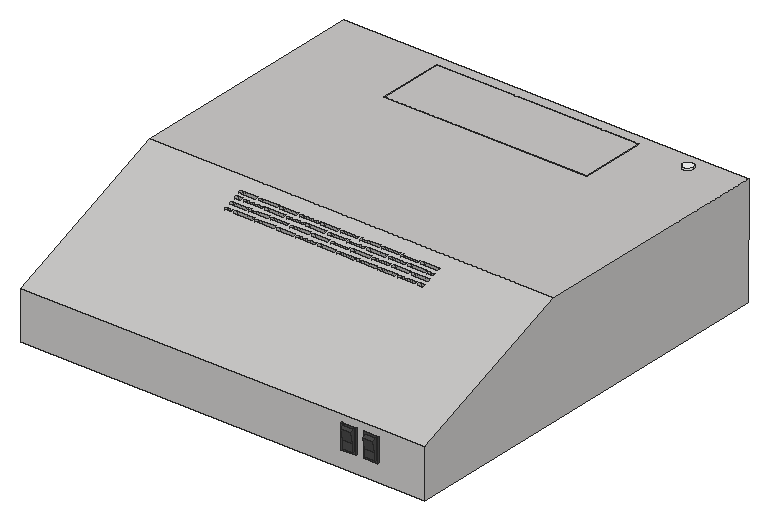
Revit family "QF_Summit_HC20SS_Under Cabinet Convertible Range Hood", category Specialty Equipment, Revit 2020
Family settings
  Round Connector Dimension = Use Diameter
  Part Type = Normal
  Work Plane-Based = No
  Always vertical = Yes
  Cut with Voids When Loaded = No
  Shared = No
  Room Calculation Point = No
Parameters
  Weight in Pounds = 11
  Watts = if(Phase = 3, Volts * FL Amps * 1.73, Volts * FL Amps)  # 195.5 W
  Volts = 115 V
  Ventilation Remarks = "Duct 3.25”x10” Rectangle or 7” Round"
  URL Cutsheet = ""
  Specification by User = ""
  Specification by Manufacturer = ""
  Serial Number = ""
  Seismic Rating = ""
  SMACNA No = ""
  Revision Code = ""
  Phase = 1
  Number of Poles = 1
  NAFEM Spec ID Number = ""
  Model = "HC20SS"
  Min Ckt Ampacity = 0 A
  Max Overcurrent Protection = 0 A
  Masterspec = ""
  Manufacturer = "Summit"
  Length = 20"
  Item Number = ""
  Installed By = ""
  Identify Quantity as Lot = yes
  Height = 5 1/2"
  HP = ""
  Furnished By = ""
  Foodservice Equipment Identifier = yes
  FL Amps = 1.7 A
  Exhaust Volume = 270 CFM
  Exhaust Vent Width = 10"
  Exhaust Vent Diameter = 0"
  Exhaust Vent Depth = 3 1/4"
  Exhaust Static Press = 0.00 in-wg
  Exhaust RI Height = 0"
  Electrical Remarks = ""
  Electric Connection Type = ""
  Elec Conn RI Height = 0"
  Elec Conn Connection Height = 0"
  Description = "Under Cabinet Convertible Range Hood"
  Depth = 20"
  Default Elevation = 0"
  Cycle = 60 Hz
  Conn Plug = ""
  Conn Conduit = yes
  CSI MasterFormat = ""
  Apparent Power = if(Phase = 3, Volts * FL Amps * 1.73, Volts * FL Amps)  # 195.5 VA
Reference planes (in)
  plane 1 "BACK": y = 0
  plane 2: z = 0
  plane 3 "LEFT": x = 0
  plane 4 "RIGHT": x = 20
  plane 5 "FRONT": y = -20
  plane 6 "TOP": z = 5.5
  plane 7 "Center Y": x = 10
  plane 8 "Center X": y = -10
  plane 9: z = 2.375
  plane 10: y = -12
  plane 11: x = 4.375
  plane 12: x = 15.625
  plane 13: x = 17.625
  plane 14: y = -14
  plane 15: x = 1.5
  plane 16: x = 18.5
  plane 17: z = 5.25339
  plane 18: z = 4.76922
  plane 19: y = -0.5
  plane 20: y = -3.75
  plane 21: y = -7.25
  plane 22: x = 5
  plane 23: x = 15
Forms (in)
  Extrusion 1, solid, material "QF_Metal_Stainless_Polished"
    sketch origin (0, 0, 0) x (0, 1, 0) y (0, 0, 1)
      loop
        line (-20, 2.375) -> (-20, 0) -> (0, 0) -> (0, 5.5) -> (-12, 5.5) -> (-20, 2.375)
    from 0 to 1.5
  Extrusion 2, solid, material "QF_Metal_Stainless_Polished"
    sketch origin (0, 0, 0) x (0, 1, 0) y (0, 0, 1)
      loop
        line (0, 5.5) -> (-12, 5.5) -> (-20, 2.375) -> (-20, 0) -> (-14, 0) -> (-14, 4.18196) -> (-10.81598, 5.42572) -> (-0.5, 5.42572) -> (-0.5, 0) -> (0, 0) -> (0, 5.5)
    from 0 to 20
  Extrusion 3, solid, material "QF_Metal_Stainless_Polished"
    sketch origin (23.88, 0, 0) x (0, 1, 0) y (0, 0, -1)
      loop
        line (-20, -2.375) -> (-12, -5.5) -> (0, -5.5) -> (0, 0) -> (-20, 0) -> (-20, -2.375)
    from 3.88 to 5.38
  Extrusion 4, void
    sketch origin (-1.9375, -20, 2.375) x (0, -0.931457, -0.363851) y (-1, 0, 0)
      loop
        line (-7.90626, -7.01362) -> (-7.90626, -7.76633)
        arc (-7.90626, -7.76633) -> (-7.83306, -7.83953) -> (-7.75986, -7.76633) r 0.0732
        line (-7.75986, -7.76633) -> (-7.75986, -7.01362)
        arc (-7.75986, -7.01362) -> (-7.83306, -6.94042) -> (-7.90626, -7.01362) r 0.0732
      loop
        line (-7.59983, -7.01362) -> (-7.59983, -7.24289)
        arc (-7.59983, -7.24289) -> (-7.52663, -7.31609) -> (-7.45343, -7.24289) r 0.0732
        line (-7.45343, -7.24289) -> (-7.45343, -7.01362)
        arc (-7.45343, -7.01362) -> (-7.52663, -6.94042) -> (-7.59983, -7.01362) r 0.0732
      loop
        line (-7.28302, -7.01362) -> (-7.28302, -7.76633)
        arc (-7.28302, -7.76633) -> (-7.20982, -7.83953) -> (-7.13663, -7.76633) r 0.0732
        line (-7.13663, -7.76633) -> (-7.13663, -7.01362)
        arc (-7.13663, -7.01362) -> (-7.20982, -6.94042) -> (-7.28302, -7.01362) r 0.0732
      loop
        line (-6.9465, -7.01362) -> (-6.9465, -7.24289)
        arc (-6.9465, -7.24289) -> (-6.8733, -7.31609) -> (-6.8001, -7.24289) r 0.0732
        line (-6.8001, -7.24289) -> (-6.8001, -7.01362)
        arc (-6.8001, -7.01362) -> (-6.8733, -6.94042) -> (-6.9465, -7.01362) r 0.0732
      loop
        line (-7.90626, -7.96555) -> (-7.90626, -8.82763)
        arc (-7.90626, -8.82763) -> (-7.83306, -8.90083) -> (-7.75986, -8.82763) r 0.0732
        line (-7.75986, -8.82763) -> (-7.75986, -7.96555)
        arc (-7.75986, -7.96555) -> (-7.83306, -7.89235) -> (-7.90626, -7.96555) r 0.0732
      loop
        line (-7.28302, -7.96555) -> (-7.28302, -8.82763)
        arc (-7.28302, -8.82763) -> (-7.20982, -8.90083) -> (-7.13663, -8.82763) r 0.0732
        line (-7.13663, -8.82763) -> (-7.13663, -7.96555)
        arc (-7.13663, -7.96555) -> (-7.20982, -7.89235) -> (-7.28302, -7.96555) r 0.0732
      loop
        line (-7.59983, -7.44954) -> (-7.59983, -8.31162)
        arc (-7.59983, -8.31162) -> (-7.52663, -8.38482) -> (-7.45343, -8.31162) r 0.0732
        line (-7.45343, -8.31162) -> (-7.45343, -7.44954)
        arc (-7.45343, -7.44954) -> (-7.52663, -7.37634) -> (-7.59983, -7.44954) r 0.0732
      loop
        line (-6.94931, -7.44954) -> (-6.94931, -8.31162)
        arc (-6.94931, -8.31162) -> (-6.87611, -8.38482) -> (-6.80291, -8.31162) r 0.0732
        line (-6.80291, -8.31162) -> (-6.80291, -7.44954)
        arc (-6.80291, -7.44954) -> (-6.87611, -7.37634) -> (-6.94931, -7.44954) r 0.0732
      loop
        line (-7.90626, -9.02338) -> (-7.90626, -9.77608)
        arc (-7.90626, -9.77608) -> (-7.83306, -9.84928) -> (-7.75986, -9.77608) r 0.0732
        line (-7.75986, -9.77608) -> (-7.75986, -9.02338)
        arc (-7.75986, -9.02338) -> (-7.83306, -8.95018) -> (-7.90626, -9.02338) r 0.0732
      loop
        line (-7.28302, -9.02338) -> (-7.28302, -9.77608)
        arc (-7.28302, -9.77608) -> (-7.20982, -9.84928) -> (-7.13663, -9.77608) r 0.0732
        line (-7.13663, -9.77608) -> (-7.13663, -9.02338)
        arc (-7.13663, -9.02338) -> (-7.20982, -8.95018) -> (-7.28302, -9.02338) r 0.0732
      loop
        line (-7.59983, -8.50736) -> (-7.59983, -9.36945)
        arc (-7.59983, -9.36945) -> (-7.52663, -9.44265) -> (-7.45343, -9.36945) r 0.0732
        line (-7.45343, -9.36945) -> (-7.45343, -8.50736)
        arc (-7.45343, -8.50736) -> (-7.52663, -8.43417) -> (-7.59983, -8.50736) r 0.0732
      loop
        line (-6.94931, -8.50736) -> (-6.94931, -9.36945)
        arc (-6.94931, -9.36945) -> (-6.87611, -9.44265) -> (-6.80291, -9.36945) r 0.0732
        line (-6.80291, -9.36945) -> (-6.80291, -8.50736)
        arc (-6.80291, -8.50736) -> (-6.87611, -8.43417) -> (-6.94931, -8.50736) r 0.0732
      loop
        line (-7.90626, -9.9968) -> (-7.90626, -10.85888)
        arc (-7.90626, -10.85888) -> (-7.83306, -10.93208) -> (-7.75986, -10.85888) r 0.0732
        line (-7.75986, -10.85888) -> (-7.75986, -9.9968)
        arc (-7.75986, -9.9968) -> (-7.83306, -9.9236) -> (-7.90626, -9.9968) r 0.0732
      loop
        line (-7.28302, -9.9968) -> (-7.28302, -10.85888)
        arc (-7.28302, -10.85888) -> (-7.20982, -10.93208) -> (-7.13663, -10.85888) r 0.0732
        line (-7.13663, -10.85888) -> (-7.13663, -9.9968)
        arc (-7.13663, -9.9968) -> (-7.20982, -9.9236) -> (-7.28302, -9.9968) r 0.0732
      loop
        line (-7.59983, -9.57454) -> (-7.59983, -10.34287)
        arc (-7.59983, -10.34287) -> (-7.52663, -10.41607) -> (-7.45343, -10.34287) r 0.0732
        line (-7.45343, -10.34287) -> (-7.45343, -9.57454)
        arc (-7.45343, -9.57454) -> (-7.52663, -9.50134) -> (-7.59983, -9.57454) r 0.0732
      loop
        line (-6.94931, -9.57454) -> (-6.94931, -10.34287)
        arc (-6.94931, -10.34287) -> (-6.87611, -10.41607) -> (-6.80291, -10.34287) r 0.0732
        line (-6.80291, -10.34287) -> (-6.80291, -9.57454)
        arc (-6.80291, -9.57454) -> (-6.87611, -9.50134) -> (-6.94931, -9.57454) r 0.0732
      loop
        line (-7.90626, -11.05463) -> (-7.90626, -11.80733)
        arc (-7.90626, -11.80733) -> (-7.83306, -11.88053) -> (-7.75986, -11.80733) r 0.0732
        line (-7.75986, -11.80733) -> (-7.75986, -11.05463)
        arc (-7.75986, -11.05463) -> (-7.83306, -10.98143) -> (-7.90626, -11.05463) r 0.0732
      loop
        line (-7.28302, -11.05463) -> (-7.28302, -11.80733)
        arc (-7.28302, -11.80733) -> (-7.20982, -11.88053) -> (-7.13663, -11.80733) r 0.0732
        line (-7.13663, -11.80733) -> (-7.13663, -11.05463)
        arc (-7.13663, -11.05463) -> (-7.20982, -10.98143) -> (-7.28302, -11.05463) r 0.0732
      loop
        line (-7.59983, -10.53861) -> (-7.59983, -11.4007)
        arc (-7.59983, -11.4007) -> (-7.52663, -11.4739) -> (-7.45343, -11.4007) r 0.0732
        line (-7.45343, -11.4007) -> (-7.45343, -10.53861)
        arc (-7.45343, -10.53861) -> (-7.52663, -10.46542) -> (-7.59983, -10.53861) r 0.0732
      loop
        line (-6.94931, -10.53861) -> (-6.94931, -11.4007)
        arc (-6.94931, -11.4007) -> (-6.87611, -11.4739) -> (-6.80291, -11.4007) r 0.0732
        line (-6.80291, -11.4007) -> (-6.80291, -10.53861)
        arc (-6.80291, -10.53861) -> (-6.87611, -10.46542) -> (-6.94931, -10.53861) r 0.0732
      loop
        line (-7.90626, -12.02338) -> (-7.90626, -12.77608)
        arc (-7.90626, -12.77608) -> (-7.83306, -12.84928) -> (-7.75986, -12.77608) r 0.0732
        line (-7.75986, -12.77608) -> (-7.75986, -12.02338)
        arc (-7.75986, -12.02338) -> (-7.83306, -11.95018) -> (-7.90626, -12.02338) r 0.0732
      loop
        line (-7.28302, -12.02338) -> (-7.28302, -12.77608)
        arc (-7.28302, -12.77608) -> (-7.20982, -12.84928) -> (-7.13663, -12.77608) r 0.0732
        line (-7.13663, -12.77608) -> (-7.13663, -12.02338)
        arc (-7.13663, -12.02338) -> (-7.20982, -11.95018) -> (-7.28302, -12.02338) r 0.0732
      loop
        line (-7.59983, -11.61674) -> (-7.59983, -12.36945)
        arc (-7.59983, -12.36945) -> (-7.52663, -12.44265) -> (-7.45343, -12.36945) r 0.0732
        line (-7.45343, -12.36945) -> (-7.45343, -11.61674)
        arc (-7.45343, -11.61674) -> (-7.52663, -11.54354) -> (-7.59983, -11.61674) r 0.0732
      loop
        line (-6.94931, -11.61674) -> (-6.94931, -12.36945)
        arc (-6.94931, -12.36945) -> (-6.87611, -12.44265) -> (-6.80291, -12.36945) r 0.0732
        line (-6.80291, -12.36945) -> (-6.80291, -11.61674)
        arc (-6.80291, -11.61674) -> (-6.87611, -11.54354) -> (-6.94931, -11.61674) r 0.0732
      loop
        line (-7.90626, -12.9968) -> (-7.90626, -13.85888)
        arc (-7.90626, -13.85888) -> (-7.83306, -13.93208) -> (-7.75986, -13.85888) r 0.0732
        line (-7.75986, -13.85888) -> (-7.75986, -12.9968)
        arc (-7.75986, -12.9968) -> (-7.83306, -12.9236) -> (-7.90626, -12.9968) r 0.0732
      loop
        line (-7.28302, -12.9968) -> (-7.28302, -13.85888)
        arc (-7.28302, -13.85888) -> (-7.20982, -13.93208) -> (-7.13663, -13.85888) r 0.0732
        line (-7.13663, -13.85888) -> (-7.13663, -12.9968)
        arc (-7.13663, -12.9968) -> (-7.20982, -12.9236) -> (-7.28302, -12.9968) r 0.0732
      loop
        line (-7.59983, -12.57454) -> (-7.59983, -13.34287)
        arc (-7.59983, -13.34287) -> (-7.52663, -13.41607) -> (-7.45343, -13.34287) r 0.0732
        line (-7.45343, -13.34287) -> (-7.45343, -12.57454)
        arc (-7.45343, -12.57454) -> (-7.52663, -12.50134) -> (-7.59983, -12.57454) r 0.0732
      loop
        line (-6.94931, -12.57454) -> (-6.94931, -13.34287)
        arc (-6.94931, -13.34287) -> (-6.87611, -13.41607) -> (-6.80291, -13.34287) r 0.0732
        line (-6.80291, -13.34287) -> (-6.80291, -12.57454)
        arc (-6.80291, -12.57454) -> (-6.87611, -12.50134) -> (-6.94931, -12.57454) r 0.0732
      loop
        line (-7.90626, -14.05463) -> (-7.90626, -14.80733)
        arc (-7.90626, -14.80733) -> (-7.83306, -14.88053) -> (-7.75986, -14.80733) r 0.0732
        line (-7.75986, -14.80733) -> (-7.75986, -14.05463)
        arc (-7.75986, -14.05463) -> (-7.83306, -13.98143) -> (-7.90626, -14.05463) r 0.0732
      loop
        line (-7.28302, -14.05463) -> (-7.28302, -14.80733)
        arc (-7.28302, -14.80733) -> (-7.20982, -14.88053) -> (-7.13663, -14.80733) r 0.0732
        line (-7.13663, -14.80733) -> (-7.13663, -14.05463)
        arc (-7.13663, -14.05463) -> (-7.20982, -13.98143) -> (-7.28302, -14.05463) r 0.0732
      loop
        line (-7.59983, -13.53861) -> (-7.59983, -14.4007)
        arc (-7.59983, -14.4007) -> (-7.52663, -14.4739) -> (-7.45343, -14.4007) r 0.0732
        line (-7.45343, -14.4007) -> (-7.45343, -13.53861)
        arc (-7.45343, -13.53861) -> (-7.52663, -13.46542) -> (-7.59983, -13.53861) r 0.0732
      loop
        line (-6.94931, -13.53861) -> (-6.94931, -14.4007)
        arc (-6.94931, -14.4007) -> (-6.87611, -14.4739) -> (-6.80291, -14.4007) r 0.0732
        line (-6.80291, -14.4007) -> (-6.80291, -13.53861)
        arc (-6.80291, -13.53861) -> (-6.87611, -13.46542) -> (-6.94931, -13.53861) r 0.0732
      loop
        line (-7.90626, -15.02338) -> (-7.90626, -15.77608)
        arc (-7.90626, -15.77608) -> (-7.83306, -15.84928) -> (-7.75986, -15.77608) r 0.0732
        line (-7.75986, -15.77608) -> (-7.75986, -15.02338)
        arc (-7.75986, -15.02338) -> (-7.83306, -14.95018) -> (-7.90626, -15.02338) r 0.0732
      loop
        line (-7.28302, -15.02338) -> (-7.28302, -15.77608)
        arc (-7.28302, -15.77608) -> (-7.20982, -15.84928) -> (-7.13663, -15.77608) r 0.0732
        line (-7.13663, -15.77608) -> (-7.13663, -15.02338)
        arc (-7.13663, -15.02338) -> (-7.20982, -14.95018) -> (-7.28302, -15.02338) r 0.0732
      loop
        line (-7.59983, -14.62665) -> (-7.59983, -15.36945)
        arc (-7.59983, -15.36945) -> (-7.52663, -15.44265) -> (-7.45343, -15.36945) r 0.0732
        line (-7.45343, -15.36945) -> (-7.45343, -14.62665)
        arc (-7.45343, -14.62665) -> (-7.52663, -14.55345) -> (-7.59983, -14.62665) r 0.0732
      loop
        line (-6.94931, -14.6001) -> (-6.94931, -15.36945)
        arc (-6.94931, -15.36945) -> (-6.87611, -15.44265) -> (-6.80291, -15.36945) r 0.0732
        line (-6.80291, -15.36945) -> (-6.80291, -14.6001)
        arc (-6.80291, -14.6001) -> (-6.87611, -14.5269) -> (-6.94931, -14.6001) r 0.0732
      loop
        line (-7.59983, -15.57454) -> (-7.59983, -16.34287)
        arc (-7.59983, -16.34287) -> (-7.52663, -16.41607) -> (-7.45343, -16.34287) r 0.0732
        line (-7.45343, -16.34287) -> (-7.45343, -15.57454)
        arc (-7.45343, -15.57454) -> (-7.52663, -15.50134) -> (-7.59983, -15.57454) r 0.0732
      loop
        line (-6.94931, -15.57454) -> (-6.94931, -16.34287)
        arc (-6.94931, -16.34287) -> (-6.87611, -16.41607) -> (-6.80291, -16.34287) r 0.0732
        line (-6.80291, -16.34287) -> (-6.80291, -15.57454)
        arc (-6.80291, -15.57454) -> (-6.87611, -15.50134) -> (-6.94931, -15.57454) r 0.0732
      loop
        line (-7.90626, -15.99213) -> (-7.90626, -16.74483)
        arc (-7.90626, -16.74483) -> (-7.83306, -16.81803) -> (-7.75986, -16.74483) r 0.0732
        line (-7.75986, -16.74483) -> (-7.75986, -15.99213)
        arc (-7.75986, -15.99213) -> (-7.83306, -15.91893) -> (-7.90626, -15.99213) r 0.0732
      loop
        line (-7.28302, -15.99213) -> (-7.28302, -16.74483)
        arc (-7.28302, -16.74483) -> (-7.20982, -16.81803) -> (-7.13663, -16.74483) r 0.0732
        line (-7.13663, -16.74483) -> (-7.13663, -15.99213)
        arc (-7.13663, -15.99213) -> (-7.20982, -15.91893) -> (-7.28302, -15.99213) r 0.0732
      loop
        line (-7.59983, -16.54576) -> (-7.59983, -16.75159)
        arc (-7.59983, -16.75159) -> (-7.52663, -16.82479) -> (-7.45343, -16.75159) r 0.0732
        line (-7.45343, -16.75159) -> (-7.45343, -16.54576)
        arc (-7.45343, -16.54576) -> (-7.52663, -16.47256) -> (-7.59983, -16.54576) r 0.0732
      loop
        line (-6.94931, -16.54576) -> (-6.94931, -16.75159)
        arc (-6.94931, -16.75159) -> (-6.87611, -16.82479) -> (-6.80291, -16.75159) r 0.0732
        line (-6.80291, -16.75159) -> (-6.80291, -16.54576)
        arc (-6.80291, -16.54576) -> (-6.87611, -16.47256) -> (-6.94931, -16.54576) r 0.0732
    from 0 to 0.5
  Extrusion 5, solid, material "QF_Metal_Stainless_Polished"
    sketch origin (0, 0, 0) x (1, 0, 0) y (0, 1, 0)
      loop
        arc (6.5, -3.75) -> (10, -7.25) -> (13.5, -3.75) r 3.5
        line (13.5, -3.75) -> (6.5, -3.75)
    from 2.375 to 5.42572
  Extrusion 6, solid, material "QF_Metal_Stainless_Polished"
    sketch origin (0, 0, 0) x (1, 0, 0) y (0, 1, 0)
      loop
        line (5, -0.5) -> (5, -3.75) -> (15, -3.75) -> (15, -0.5) -> (5, -0.5)
      loop
        line (5.25, -3.5) -> (14.75, -3.5) -> (14.75, -0.75) -> (5.25, -0.75) -> (5.25, -3.5)
    from 2.375 to 5.42572
  Extrusion 7, solid, material "QF_Metal_Stainless_Polished"
    sketch origin (0, 0, 0) x (1, 0, 0) y (0, 1, 0)
      loop
        line (4.375, -0.5) -> (4.375, -14) -> (15.625, -14) -> (15.625, -0.5) -> (4.375, -0.5)
      loop
        line (4.625, -13.75) -> (15.375, -13.75) -> (15.375, -0.75) -> (4.625, -0.75) -> (4.625, -13.75)
    from 2.375 to 5
  Extrusion 8, void
    sketch origin (20, 0, 0) x (0, -1, 0) y (0, 0, 1)
      loop
        line (10.81598, 5.42572) -> (14, 4.18196) -> (14.15581, 4.18196) -> (14.15581, 5.58943) -> (10.81598, 5.58943) -> (10.81598, 5.42572)
    from 4.375 to 15.625
  Extrusion 9, void
    sketch origin (0, 0, 2.375) x (1, 0, 0) y (0, 1, 0)
      loop
        line (15, -3.75) -> (15, -0.5) -> (5, -0.5) -> (5, -3.75) -> (15, -3.75)
    from 3.05072 to 3.125
  Extrusion 10, solid, material "QF_Metal_Stainless_Polished"
    sketch origin (-1.94, -12, 5.5) x (0, 1, 0) y (-1, 0, 0)
      loop
        line (8.25, -6.94) -> (8.25, -16.94) -> (11.5, -16.94) -> (11.5, -6.94) -> (8.25, -6.94)
    from 0 to -0.07428
  Extrusion 11, solid, material "QF_Plastic_White_Smooth"
    sketch origin (0, 0, 0) x (1, 0, 0) y (0, 1, 0)
      loop
        circle (17.625, -0.76172) r 0.25
    from 5.5 to 5.57173
  Extrusion 12, solid, material "QF_Plastic_Black_Fine_Textured"
    sketch origin (-3.85996, -20, 0.26563) x (0, 0, 1) y (-1, 0, 0)
      loop
        line (1.78125, -21.57157) -> (1.78125, -20.86312) -> (0.59375, -20.86312) -> (0.59375, -21.57157) -> (1.78125, -21.57157)
      loop
        line (1.78125, -20.47782) -> (1.78125, -19.76937) -> (0.59375, -19.76937) -> (0.59375, -20.47782) -> (1.78125, -20.47782)
    from 0 to 0.04539
  Extrusion 13, solid, material "QF_Plastic_Black_Fine_Textured"
    sketch origin (20.84816, 0, 0.26563) x (0, 1, 0) y (0, 0, 1)
      loop
        line (-20.04539, 1.70684) -> (-20.22258, 1.62421) -> (-20.09635, 1.07743) -> (-20.09635, 0.69669) -> (-20.04539, 0.69669) -> (-20.04539, 1.70684)
    from -3.74849 to -3.22316
  Extrusion 14, solid, material "QF_Plastic_Black_Fine_Textured"
    sketch origin (19.75441, 0, 0.26563) x (0, 1, 0) y (0, 0, 1)
      loop
        line (-20.04539, 1.70684) -> (-20.22258, 1.62421) -> (-20.09635, 1.07743) -> (-20.09635, 0.69669) -> (-20.04539, 0.69669) -> (-20.04539, 1.70684)
    from -3.74849 to -3.22316
Cuts and joins
  Extrusion 4, Extrusion 9 cuts Extrusion 1
  Extrusion 4, Extrusion 9 cuts Extrusion 2
  Extrusion 4, Extrusion 9 cuts Extrusion 3
  Extrusion 9 cuts Extrusion 6
  Extrusion 8 cuts Extrusion 7
  joined: Extrusion 1, Extrusion 2, Extrusion 3, Extrusion 5, Extrusion 6, Extrusion 7
Lines and regions (in)
  symbolic lines
    curve 1: line (0, 0, 0) -> (0, -20, 0)
    curve 2: line (0, -12, 0) -> (20, -12, 0)
    curve 3: line (20, -20, 0) -> (20, 0, 0)
    curve 4: line (20, 0, 0) -> (0, 0, 0)
    curve 5: line (0, -20, 0) -> (20, -20, 0)
    curve 6: line (5.07362, -12.63566, 0) -> (5.82633, -12.63566, 0)
    curve 7: spline (5.82633, -12.63566, 0) -> (5.84527, -12.63798, 0) -> (5.86293, -12.6448, 0) -> (5.87809, -12.65563, 0) -> (5.88972, -12.66975, 0) -> (5.89703, -12.6862, 0) -> (5.89953, -12.70384, 0) -> (5.89703, -12.72149, 0) -> (5.88972, -12.73793, 0) -> (5.87809, -12.75205, 0) -> (5.86293, -12.76289, 0) -> (5.84527, -12.7697, 0) -> (5.82633, -12.77202, 0)
    curve 8: line (5.82633, -12.77202, 0) -> (5.07362, -12.77202, 0)
    curve 9: spline (5.07362, -12.77202, 0) -> (5.05468, -12.7697, 0) -> (5.03702, -12.76289, 0) -> (5.02186, -12.75205, 0) -> (5.01023, -12.73793, 0) -> (5.00292, -12.72149, 0) -> (5.00042, -12.70384, 0) -> (5.00292, -12.6862, 0) -> (5.01023, -12.66975, 0) -> (5.02186, -12.65563, 0) -> (5.03702, -12.6448, 0) -> (5.05468, -12.63798, 0) -> (5.07362, -12.63566, 0)
    curve 10: spline (5.30289, -12.92108, 0) -> (5.32184, -12.9234, 0) -> (5.33949, -12.93022, 0) -> (5.35465, -12.94105, 0) -> (5.36628, -12.95517, 0) -> (5.3736, -12.97162, 0) -> (5.37609, -12.98926, 0) -> (5.3736, -13.00691, 0) -> (5.36628, -13.02335, 0) -> (5.35465, -13.03747, 0) -> (5.33949, -13.04831, 0) -> (5.32184, -13.05512, 0) -> (5.30289, -13.05744, 0)
    curve 11: line (5.30289, -13.05744, 0) -> (5.07362, -13.05744, 0)
    curve 12: spline (5.07362, -13.05744, 0) -> (5.05468, -13.05512, 0) -> (5.03702, -13.04831, 0) -> (5.02186, -13.03747, 0) -> (5.01023, -13.02335, 0) -> (5.00292, -13.00691, 0) -> (5.00042, -12.98926, 0) -> (5.00292, -12.97162, 0) -> (5.01023, -12.95517, 0) -> (5.02186, -12.94105, 0) -> (5.03702, -12.93022, 0) -> (5.05468, -12.9234, 0) -> (5.07362, -12.92108, 0)
    curve 13: line (5.07362, -12.92108, 0) -> (5.30289, -12.92108, 0)
    curve 14: line (5.07362, -13.21617, 0) -> (5.82633, -13.21617, 0)
    curve 15: spline (5.82633, -13.21617, 0) -> (5.84527, -13.2185, 0) -> (5.86293, -13.22531, 0) -> (5.87809, -13.23614, 0) -> (5.88972, -13.25027, 0) -> (5.89703, -13.26671, 0) -> (5.89953, -13.28436, 0) -> (5.89703, -13.302, 0) -> (5.88972, -13.31845, 0) -> (5.87809, -13.33257, 0) -> (5.86293, -13.3434, 0) -> (5.84527, -13.35021, 0) -> (5.82633, -13.35254, 0)
    curve 16: line (5.82633, -13.35254, 0) -> (5.07362, -13.35254, 0)
    curve 17: spline (5.07362, -13.35254, 0) -> (5.05468, -13.35021, 0) -> (5.03702, -13.3434, 0) -> (5.02186, -13.33257, 0) -> (5.01023, -13.31845, 0) -> (5.00292, -13.302, 0) -> (5.00042, -13.28436, 0) -> (5.00292, -13.26671, 0) -> (5.01023, -13.25027, 0) -> (5.02186, -13.23614, 0) -> (5.03702, -13.22531, 0) -> (5.05468, -13.2185, 0) -> (5.07362, -13.21617, 0)
    curve 18: spline (5.30289, -13.52963, 0) -> (5.32184, -13.53196, 0) -> (5.33949, -13.53877, 0) -> (5.35465, -13.5496, 0) -> (5.36628, -13.56372, 0) -> (5.3736, -13.58017, 0) -> (5.37609, -13.59781, 0) -> (5.3736, -13.61546, 0) -> (5.36628, -13.6319, 0) -> (5.35465, -13.64603, 0) -> (5.33949, -13.65686, 0) -> (5.32184, -13.66367, 0) -> (5.30289, -13.666, 0)
    curve 19: line (5.30289, -13.666, 0) -> (5.07362, -13.666, 0)
    curve 20: spline (5.07362, -13.666, 0) -> (5.05468, -13.66367, 0) -> (5.03702, -13.65686, 0) -> (5.02186, -13.64603, 0) -> (5.01023, -13.6319, 0) -> (5.00292, -13.61546, 0) -> (5.00042, -13.59781, 0) -> (5.00292, -13.58017, 0) -> (5.01023, -13.56372, 0) -> (5.02186, -13.5496, 0) -> (5.03702, -13.53877, 0) -> (5.05468, -13.53196, 0) -> (5.07362, -13.52963, 0)
    curve 21: line (5.07362, -13.52963, 0) -> (5.30289, -13.52963, 0)
    curve 22: line (5.50954, -13.52702, 0) -> (6.37162, -13.52702, 0)
    curve 23: spline (6.37162, -13.52702, 0) -> (6.39056, -13.52934, 0) -> (6.40822, -13.53615, 0) -> (6.42338, -13.54699, 0) -> (6.43501, -13.56111, 0) -> (6.44232, -13.57755, 0) -> (6.44482, -13.5952, 0) -> (6.44232, -13.61285, 0) -> (6.43501, -13.62929, 0) -> (6.42338, -13.64341, 0) -> (6.40822, -13.65425, 0) -> (6.39056, -13.66106, 0) -> (6.37162, -13.66338, 0)
    curve 24: line (6.37162, -13.66338, 0) -> (5.50954, -13.66338, 0)
    curve 25: spline (5.50954, -13.66338, 0) -> (5.49059, -13.66106, 0) -> (5.47294, -13.65425, 0) -> (5.45778, -13.64341, 0) -> (5.44614, -13.62929, 0) -> (5.43883, -13.61285, 0) -> (5.43634, -13.5952, 0) -> (5.43883, -13.57755, 0) -> (5.44614, -13.56111, 0) -> (5.45778, -13.54699, 0) -> (5.47294, -13.53615, 0) -> (5.49059, -13.52934, 0) -> (5.50954, -13.52702, 0)
    curve 26: line (6.37162, -13.05744, 0) -> (5.50954, -13.05744, 0)
    curve 27: spline (5.50954, -13.05744, 0) -> (5.49059, -13.05512, 0) -> (5.47294, -13.04831, 0) -> (5.45778, -13.03747, 0) -> (5.44614, -13.02335, 0) -> (5.43883, -13.00691, 0) -> (5.43634, -12.98926, 0) -> (5.43883, -12.97162, 0) -> (5.44614, -12.95517, 0) -> (5.45778, -12.94105, 0) -> (5.47294, -12.93022, 0) -> (5.49059, -12.9234, 0) -> (5.50954, -12.92108, 0)
    curve 28: line (5.50954, -12.92108, 0) -> (6.37162, -12.92108, 0)
    curve 29: spline (6.37162, -12.92108, 0) -> (6.39056, -12.9234, 0) -> (6.40822, -12.93022, 0) -> (6.42338, -12.94105, 0) -> (6.43501, -12.95517, 0) -> (6.44232, -12.97162, 0) -> (6.44482, -12.98926, 0) -> (6.44232, -13.00691, 0) -> (6.43501, -13.02335, 0) -> (6.42338, -13.03747, 0) -> (6.40822, -13.04831, 0) -> (6.39056, -13.05512, 0) -> (6.37162, -13.05744, 0)
    curve 30: line (6.88763, -12.77202, 0) -> (6.02555, -12.77202, 0)
    curve 31: spline (6.02555, -12.77202, 0) -> (6.0066, -12.7697, 0) -> (5.98895, -12.76289, 0) -> (5.97379, -12.75205, 0) -> (5.96216, -12.73793, 0) -> (5.95484, -12.72149, 0) -> (5.95235, -12.70384, 0) -> (5.95484, -12.6862, 0) -> (5.96216, -12.66975, 0) -> (5.97379, -12.65563, 0) -> (5.98895, -12.6448, 0) -> (6.0066, -12.63798, 0) -> (6.02555, -12.63566, 0)
    curve 32: line (6.02555, -12.63566, 0) -> (6.88763, -12.63566, 0)
    curve 33: spline (6.88763, -12.63566, 0) -> (6.90657, -12.63798, 0) -> (6.92423, -12.6448, 0) -> (6.93939, -12.65563, 0) -> (6.95102, -12.66975, 0) -> (6.95833, -12.6862, 0) -> (6.96083, -12.70384, 0) -> (6.95833, -12.72149, 0) -> (6.95102, -12.73793, 0) -> (6.93939, -12.75205, 0) -> (6.92423, -12.76289, 0) -> (6.90657, -12.7697, 0) -> (6.88763, -12.77202, 0)
    curve 34: line (6.56736, -12.92108, 0) -> (7.42945, -12.92108, 0)
    curve 35: spline (7.42945, -12.92108, 0) -> (7.44839, -12.9234, 0) -> (7.46605, -12.93022, 0) -> (7.48121, -12.94105, 0) -> (7.49284, -12.95517, 0) -> (7.50015, -12.97162, 0) -> (7.50265, -12.98926, 0) -> (7.50015, -13.00691, 0) -> (7.49284, -13.02335, 0) -> (7.48121, -13.03747, 0) -> (7.46605, -13.04831, 0) -> (7.44839, -13.05512, 0) -> (7.42945, -13.05744, 0)
    curve 36: line (7.42945, -13.05744, 0) -> (6.56736, -13.05744, 0)
    curve 37: spline (6.56736, -13.05744, 0) -> (6.54842, -13.05512, 0) -> (6.53076, -13.04831, 0) -> (6.5156, -13.03747, 0) -> (6.50397, -13.02335, 0) -> (6.49666, -13.00691, 0) -> (6.49417, -12.98926, 0) -> (6.49666, -12.97162, 0) -> (6.50397, -12.95517, 0) -> (6.5156, -12.94105, 0) -> (6.53076, -12.93022, 0) -> (6.54842, -12.9234, 0) -> (6.56736, -12.92108, 0)
    curve 38: line (6.02555, -13.21617, 0) -> (6.88763, -13.21617, 0)
    curve 39: spline (6.88763, -13.21617, 0) -> (6.90657, -13.2185, 0) -> (6.92423, -13.22531, 0) -> (6.93939, -13.23614, 0) -> (6.95102, -13.25027, 0) -> (6.95833, -13.26671, 0) -> (6.96083, -13.28436, 0) -> (6.95833, -13.302, 0) -> (6.95102, -13.31845, 0) -> (6.93939, -13.33257, 0) -> (6.92423, -13.3434, 0) -> (6.90657, -13.35021, 0) -> (6.88763, -13.35254, 0)
    curve 40: line (6.88763, -13.35254, 0) -> (6.02555, -13.35254, 0)
    curve 41: spline (6.02555, -13.35254, 0) -> (6.0066, -13.35021, 0) -> (5.98895, -13.3434, 0) -> (5.97379, -13.33257, 0) -> (5.96216, -13.31845, 0) -> (5.95484, -13.302, 0) -> (5.95235, -13.28436, 0) -> (5.95484, -13.26671, 0) -> (5.96216, -13.25027, 0) -> (5.97379, -13.23614, 0) -> (5.98895, -13.22531, 0) -> (6.0066, -13.2185, 0) -> (6.02555, -13.21617, 0)
    curve 42: line (6.56736, -13.52702, 0) -> (7.42945, -13.52702, 0)
    curve 43: spline (7.42945, -13.52702, 0) -> (7.44839, -13.52934, 0) -> (7.46605, -13.53615, 0) -> (7.48121, -13.54699, 0) -> (7.49284, -13.56111, 0) -> (7.50015, -13.57755, 0) -> (7.50265, -13.5952, 0) -> (7.50015, -13.61285, 0) -> (7.49284, -13.62929, 0) -> (7.48121, -13.64341, 0) -> (7.46605, -13.65425, 0) -> (7.44839, -13.66106, 0) -> (7.42945, -13.66338, 0)
    curve 44: line (7.42945, -13.66338, 0) -> (6.56736, -13.66338, 0)
    curve 45: spline (6.56736, -13.66338, 0) -> (6.54842, -13.66106, 0) -> (6.53076, -13.65425, 0) -> (6.5156, -13.64341, 0) -> (6.50397, -13.62929, 0) -> (6.49666, -13.61285, 0) -> (6.49417, -13.5952, 0) -> (6.49666, -13.57755, 0) -> (6.50397, -13.56111, 0) -> (6.5156, -13.54699, 0) -> (6.53076, -13.53615, 0) -> (6.54842, -13.52934, 0) -> (6.56736, -13.52702, 0)
    curve 46: line (7.08338, -13.21617, 0) -> (7.83608, -13.21617, 0)
    curve 47: spline (7.83608, -13.21617, 0) -> (7.85503, -13.2185, 0) -> (7.87268, -13.22531, 0) -> (7.88784, -13.23614, 0) -> (7.89948, -13.25027, 0) -> (7.90679, -13.26671, 0) -> (7.90928, -13.28436, 0) -> (7.90679, -13.302, 0) -> (7.89948, -13.31845, 0) -> (7.88784, -13.33257, 0) -> (7.87268, -13.3434, 0) -> (7.85503, -13.35021, 0) -> (7.83608, -13.35254, 0)
    curve 48: line (7.83608, -13.35254, 0) -> (7.08338, -13.35254, 0)
    curve 49: spline (7.08338, -13.35254, 0) -> (7.06443, -13.35021, 0) -> (7.04678, -13.3434, 0) -> (7.03162, -13.33257, 0) -> (7.01998, -13.31845, 0) -> (7.01267, -13.302, 0) -> (7.01018, -13.28436, 0) -> (7.01267, -13.26671, 0) -> (7.01998, -13.25027, 0) -> (7.03162, -13.23614, 0) -> (7.04678, -13.22531, 0) -> (7.06443, -13.2185, 0) -> (7.08338, -13.21617, 0)
    curve 50: line (7.83608, -12.77202, 0) -> (7.08338, -12.77202, 0)
    curve 51: spline (7.08338, -12.77202, 0) -> (7.06443, -12.7697, 0) -> (7.04678, -12.76289, 0) -> (7.03162, -12.75205, 0) -> (7.01998, -12.73793, 0) -> (7.01267, -12.72149, 0) -> (7.01018, -12.70384, 0) -> (7.01267, -12.6862, 0) -> (7.01998, -12.66975, 0) -> (7.03162, -12.65563, 0) -> (7.04678, -12.6448, 0) -> (7.06443, -12.63798, 0) -> (7.08338, -12.63566, 0)
    curve 52: line (7.08338, -12.63566, 0) -> (7.83608, -12.63566, 0)
    curve 53: spline (7.83608, -12.63566, 0) -> (7.85503, -12.63798, 0) -> (7.87268, -12.6448, 0) -> (7.88784, -12.65563, 0) -> (7.89948, -12.66975, 0) -> (7.90679, -12.6862, 0) -> (7.90928, -12.70384, 0) -> (7.90679, -12.72149, 0) -> (7.89948, -12.73793, 0) -> (7.88784, -12.75205, 0) -> (7.87268, -12.76289, 0) -> (7.85503, -12.7697, 0) -> (7.83608, -12.77202, 0)
    curve 54: line (7.63454, -13.52702, 0) -> (8.40287, -13.52702, 0)
    curve 55: spline (8.40287, -13.52702, 0) -> (8.42181, -13.52934, 0) -> (8.43947, -13.53615, 0) -> (8.45463, -13.54699, 0) -> (8.46626, -13.56111, 0) -> (8.47357, -13.57755, 0) -> (8.47607, -13.5952, 0) -> (8.47357, -13.61285, 0) -> (8.46626, -13.62929, 0) -> (8.45463, -13.64341, 0) -> (8.43947, -13.65425, 0) -> (8.42181, -13.66106, 0) -> (8.40287, -13.66338, 0)
    curve 56: line (8.40287, -13.66338, 0) -> (7.63454, -13.66338, 0)
    curve 57: spline (7.63454, -13.66338, 0) -> (7.61559, -13.66106, 0) -> (7.59794, -13.65425, 0) -> (7.58278, -13.64341, 0) -> (7.57114, -13.62929, 0) -> (7.56383, -13.61285, 0) -> (7.56134, -13.5952, 0) -> (7.56383, -13.57755, 0) -> (7.57114, -13.56111, 0) -> (7.58278, -13.54699, 0) -> (7.59794, -13.53615, 0) -> (7.61559, -13.52934, 0) -> (7.63454, -13.52702, 0)
    curve 58: line (8.40287, -13.05744, 0) -> (7.63454, -13.05744, 0)
    curve 59: spline (7.63454, -13.05744, 0) -> (7.61559, -13.05512, 0) -> (7.59794, -13.04831, 0) -> (7.58278, -13.03747, 0) -> (7.57114, -13.02335, 0) -> (7.56383, -13.00691, 0) -> (7.56134, -12.98926, 0) -> (7.56383, -12.97162, 0) -> (7.57114, -12.95517, 0) -> (7.58278, -12.94105, 0) -> (7.59794, -12.93022, 0) -> (7.61559, -12.9234, 0) -> (7.63454, -12.92108, 0)
    curve 60: line (7.63454, -12.92108, 0) -> (8.40287, -12.92108, 0)
    curve 61: spline (8.40287, -12.92108, 0) -> (8.42181, -12.9234, 0) -> (8.43947, -12.93022, 0) -> (8.45463, -12.94105, 0) -> (8.46626, -12.95517, 0) -> (8.47357, -12.97162, 0) -> (8.47607, -12.98926, 0) -> (8.47357, -13.00691, 0) -> (8.46626, -13.02335, 0) -> (8.45463, -13.03747, 0) -> (8.43947, -13.04831, 0) -> (8.42181, -13.05512, 0) -> (8.40287, -13.05744, 0)
    curve 62: line (8.91888, -12.77202, 0) -> (8.0568, -12.77202, 0)
    curve 63: spline (8.0568, -12.77202, 0) -> (8.03785, -12.7697, 0) -> (8.0202, -12.76289, 0) -> (8.00504, -12.75205, 0) -> (7.99341, -12.73793, 0) -> (7.98609, -12.72149, 0) -> (7.9836, -12.70384, 0) -> (7.98609, -12.6862, 0) -> (7.99341, -12.66975, 0) -> (8.00504, -12.65563, 0) -> (8.0202, -12.6448, 0) -> (8.03785, -12.63798, 0) -> (8.0568, -12.63566, 0)
    curve 64: line (8.0568, -12.63566, 0) -> (8.91888, -12.63566, 0)
    curve 65: spline (8.91888, -12.63566, 0) -> (8.93782, -12.63798, 0) -> (8.95548, -12.6448, 0) -> (8.97064, -12.65563, 0) -> (8.98227, -12.66975, 0) -> (8.98958, -12.6862, 0) -> (8.99208, -12.70384, 0) -> (8.98958, -12.72149, 0) -> (8.98227, -12.73793, 0) -> (8.97064, -12.75205, 0) -> (8.95548, -12.76289, 0) -> (8.93782, -12.7697, 0) -> (8.91888, -12.77202, 0)
    curve 66: line (8.0568, -13.21617, 0) -> (8.91888, -13.21617, 0)
    curve 67: spline (8.91888, -13.21617, 0) -> (8.93782, -13.2185, 0) -> (8.95548, -13.22531, 0) -> (8.97064, -13.23614, 0) -> (8.98227, -13.25027, 0) -> (8.98958, -13.26671, 0) -> (8.99208, -13.28436, 0) -> (8.98958, -13.302, 0) -> (8.98227, -13.31845, 0) -> (8.97064, -13.33257, 0) -> (8.95548, -13.3434, 0) -> (8.93782, -13.35021, 0) -> (8.91888, -13.35254, 0)
    curve 68: line (8.91888, -13.35254, 0) -> (8.0568, -13.35254, 0)
    curve 69: spline (8.0568, -13.35254, 0) -> (8.03785, -13.35021, 0) -> (8.0202, -13.3434, 0) -> (8.00504, -13.33257, 0) -> (7.99341, -13.31845, 0) -> (7.98609, -13.302, 0) -> (7.9836, -13.28436, 0) -> (7.98609, -13.26671, 0) -> (7.99341, -13.25027, 0) -> (8.00504, -13.23614, 0) -> (8.0202, -13.22531, 0) -> (8.03785, -13.2185, 0) -> (8.0568, -13.21617, 0)
    curve 70: line (8.59861, -12.92108, 0) -> (9.4607, -12.92108, 0)
    curve 71: spline (9.4607, -12.92108, 0) -> (9.47964, -12.9234, 0) -> (9.4973, -12.93022, 0) -> (9.51246, -12.94105, 0) -> (9.52409, -12.95517, 0) -> (9.5314, -12.97162, 0) -> (9.5339, -12.98926, 0) -> (9.5314, -13.00691, 0) -> (9.52409, -13.02335, 0) -> (9.51246, -13.03747, 0) -> (9.4973, -13.04831, 0) -> (9.47964, -13.05512, 0) -> (9.4607, -13.05744, 0)
    curve 72: line (9.4607, -13.05744, 0) -> (8.59861, -13.05744, 0)
    curve 73: spline (8.59861, -13.05744, 0) -> (8.57967, -13.05512, 0) -> (8.56201, -13.04831, 0) -> (8.54685, -13.03747, 0) -> (8.53522, -13.02335, 0) -> (8.52791, -13.00691, 0) -> (8.52542, -12.98926, 0) -> (8.52791, -12.97162, 0) -> (8.53522, -12.95517, 0) -> (8.54685, -12.94105, 0) -> (8.56201, -12.93022, 0) -> (8.57967, -12.9234, 0) -> (8.59861, -12.92108, 0)
    curve 74: line (9.86733, -12.77202, 0) -> (9.11463, -12.77202, 0)
    curve 75: spline (9.11463, -12.77202, 0) -> (9.09568, -12.7697, 0) -> (9.07803, -12.76289, 0) -> (9.06287, -12.75205, 0) -> (9.05123, -12.73793, 0) -> (9.04392, -12.72149, 0) -> (9.04143, -12.70384, 0) -> (9.04392, -12.6862, 0) -> (9.05123, -12.66975, 0) -> (9.06287, -12.65563, 0) -> (9.07803, -12.6448, 0) -> (9.09568, -12.63798, 0) -> (9.11463, -12.63566, 0)
    curve 76: line (9.11463, -12.63566, 0) -> (9.86733, -12.63566, 0)
    curve 77: spline (9.86733, -12.63566, 0) -> (9.88628, -12.63798, 0) -> (9.90393, -12.6448, 0) -> (9.91909, -12.65563, 0) -> (9.93073, -12.66975, 0) -> (9.93804, -12.6862, 0) -> (9.94053, -12.70384, 0) -> (9.93804, -12.72149, 0) -> (9.93073, -12.73793, 0) -> (9.91909, -12.75205, 0) -> (9.90393, -12.76289, 0) -> (9.88628, -12.7697, 0) -> (9.86733, -12.77202, 0)
    curve 78: line (9.11463, -13.21617, 0) -> (9.86733, -13.21617, 0)
    curve 79: spline (9.86733, -13.21617, 0) -> (9.88628, -13.2185, 0) -> (9.90393, -13.22531, 0) -> (9.91909, -13.23614, 0) -> (9.93073, -13.25027, 0) -> (9.93804, -13.26671, 0) -> (9.94053, -13.28436, 0) -> (9.93804, -13.302, 0) -> (9.93073, -13.31845, 0) -> (9.91909, -13.33257, 0) -> (9.90393, -13.3434, 0) -> (9.88628, -13.35021, 0) -> (9.86733, -13.35254, 0)
    curve 80: line (9.86733, -13.35254, 0) -> (9.11463, -13.35254, 0)
    curve 81: spline (9.11463, -13.35254, 0) -> (9.09568, -13.35021, 0) -> (9.07803, -13.3434, 0) -> (9.06287, -13.33257, 0) -> (9.05123, -13.31845, 0) -> (9.04392, -13.302, 0) -> (9.04143, -13.28436, 0) -> (9.04392, -13.26671, 0) -> (9.05123, -13.25027, 0) -> (9.06287, -13.23614, 0) -> (9.07803, -13.22531, 0) -> (9.09568, -13.2185, 0) -> (9.11463, -13.21617, 0)
    curve 82: line (8.59861, -13.52702, 0) -> (9.4607, -13.52702, 0)
    curve 83: spline (9.4607, -13.52702, 0) -> (9.47964, -13.52934, 0) -> (9.4973, -13.53615, 0) -> (9.51246, -13.54699, 0) -> (9.52409, -13.56111, 0) -> (9.5314, -13.57755, 0) -> (9.5339, -13.5952, 0) -> (9.5314, -13.61285, 0) -> (9.52409, -13.62929, 0) -> (9.51246, -13.64341, 0) -> (9.4973, -13.65425, 0) -> (9.47964, -13.66106, 0) -> (9.4607, -13.66338, 0)
    curve 84: line (9.4607, -13.66338, 0) -> (8.59861, -13.66338, 0)
    curve 85: spline (8.59861, -13.66338, 0) -> (8.57967, -13.66106, 0) -> (8.56201, -13.65425, 0) -> (8.54685, -13.64341, 0) -> (8.53522, -13.62929, 0) -> (8.52791, -13.61285, 0) -> (8.52542, -13.5952, 0) -> (8.52791, -13.57755, 0) -> (8.53522, -13.56111, 0) -> (8.54685, -13.54699, 0) -> (8.56201, -13.53615, 0) -> (8.57967, -13.52934, 0) -> (8.59861, -13.52702, 0)
    curve 86: line (9.67674, -13.52702, 0) -> (10.42945, -13.52702, 0)
    curve 87: spline (10.42945, -13.52702, 0) -> (10.44839, -13.52934, 0) -> (10.46605, -13.53615, 0) -> (10.48121, -13.54699, 0) -> (10.49284, -13.56111, 0) -> (10.50015, -13.57755, 0) -> (10.50265, -13.5952, 0) -> (10.50015, -13.61285, 0) -> (10.49284, -13.62929, 0) -> (10.48121, -13.64341, 0) -> (10.46605, -13.65425, 0) -> (10.44839, -13.66106, 0) -> (10.42945, -13.66338, 0)
    curve 88: line (10.42945, -13.66338, 0) -> (9.67674, -13.66338, 0)
    curve 89: spline (9.67674, -13.66338, 0) -> (9.65779, -13.66106, 0) -> (9.64014, -13.65425, 0) -> (9.62498, -13.64341, 0) -> (9.61335, -13.62929, 0) -> (9.60603, -13.61285, 0) -> (9.60354, -13.5952, 0) -> (9.60603, -13.57755, 0) -> (9.61335, -13.56111, 0) -> (9.62498, -13.54699, 0) -> (9.64014, -13.53615, 0) -> (9.65779, -13.52934, 0) -> (9.67674, -13.52702, 0)
    curve 90: line (10.08338, -13.21617, 0) -> (10.83608, -13.21617, 0)
    curve 91: spline (10.83608, -13.21617, 0) -> (10.85503, -13.2185, 0) -> (10.87268, -13.22531, 0) -> (10.88784, -13.23614, 0) -> (10.89948, -13.25027, 0) -> (10.90679, -13.26671, 0) -> (10.90928, -13.28436, 0) -> (10.90679, -13.302, 0) -> (10.89948, -13.31845, 0) -> (10.88784, -13.33257, 0) -> (10.87268, -13.3434, 0) -> (10.85503, -13.35021, 0) -> (10.83608, -13.35254, 0)
    curve 92: line (10.83608, -13.35254, 0) -> (10.08338, -13.35254, 0)
    curve 93: spline (10.08338, -13.35254, 0) -> (10.06443, -13.35021, 0) -> (10.04678, -13.3434, 0) -> (10.03162, -13.33257, 0) -> (10.01998, -13.31845, 0) -> (10.01267, -13.302, 0) -> (10.01018, -13.28436, 0) -> (10.01267, -13.26671, 0) -> (10.01998, -13.25027, 0) -> (10.03162, -13.23614, 0) -> (10.04678, -13.22531, 0) -> (10.06443, -13.2185, 0) -> (10.08338, -13.21617, 0)
    curve 94: line (9.67674, -12.92108, 0) -> (10.42945, -12.92108, 0)
    curve 95: spline (10.42945, -12.92108, 0) -> (10.44839, -12.9234, 0) -> (10.46605, -12.93022, 0) -> (10.48121, -12.94105, 0) -> (10.49284, -12.95517, 0) -> (10.50015, -12.97162, 0) -> (10.50265, -12.98926, 0) -> (10.50015, -13.00691, 0) -> (10.49284, -13.02335, 0) -> (10.48121, -13.03747, 0) -> (10.46605, -13.04831, 0) -> (10.44839, -13.05512, 0) -> (10.42945, -13.05744, 0)
    curve 96: line (10.42945, -13.05744, 0) -> (9.67674, -13.05744, 0)
    curve 97: spline (9.67674, -13.05744, 0) -> (9.65779, -13.05512, 0) -> (9.64014, -13.04831, 0) -> (9.62498, -13.03747, 0) -> (9.61335, -13.02335, 0) -> (9.60603, -13.00691, 0) -> (9.60354, -12.98926, 0) -> (9.60603, -12.97162, 0) -> (9.61335, -12.95517, 0) -> (9.62498, -12.94105, 0) -> (9.64014, -12.93022, 0) -> (9.65779, -12.9234, 0) -> (9.67674, -12.92108, 0)
    curve 98: line (10.08338, -12.63566, 0) -> (10.83608, -12.63566, 0)
    curve 99: spline (10.83608, -12.63566, 0) -> (10.85503, -12.63798, 0) -> (10.87268, -12.6448, 0) -> (10.88784, -12.65563, 0) -> (10.89948, -12.66975, 0) -> (10.90679, -12.6862, 0) -> (10.90928, -12.70384, 0) -> (10.90679, -12.72149, 0) -> (10.89948, -12.73793, 0) -> (10.88784, -12.75205, 0) -> (10.87268, -12.76289, 0) -> (10.85503, -12.7697, 0) -> (10.83608, -12.77202, 0)
    curve 100: line (10.83608, -12.77202, 0) -> (10.08338, -12.77202, 0)
    curve 101: spline (10.08338, -12.77202, 0) -> (10.06443, -12.7697, 0) -> (10.04678, -12.76289, 0) -> (10.03162, -12.75205, 0) -> (10.01998, -12.73793, 0) -> (10.01267, -12.72149, 0) -> (10.01018, -12.70384, 0) -> (10.01267, -12.6862, 0) -> (10.01998, -12.66975, 0) -> (10.03162, -12.65563, 0) -> (10.04678, -12.6448, 0) -> (10.06443, -12.63798, 0) -> (10.08338, -12.63566, 0)
    curve 102: line (10.63454, -12.92108, 0) -> (11.40287, -12.92108, 0)
    curve 103: spline (11.40287, -12.92108, 0) -> (11.42181, -12.9234, 0) -> (11.43947, -12.93022, 0) -> (11.45463, -12.94105, 0) -> (11.46626, -12.95517, 0) -> (11.47357, -12.97162, 0) -> (11.47607, -12.98926, 0) -> (11.47357, -13.00691, 0) -> (11.46626, -13.02335, 0) -> (11.45463, -13.03747, 0) -> (11.43947, -13.04831, 0) -> (11.42181, -13.05512, 0) -> (11.40287, -13.05744, 0)
    curve 104: line (11.40287, -13.05744, 0) -> (10.63454, -13.05744, 0)
    curve 105: spline (10.63454, -13.05744, 0) -> (10.61559, -13.05512, 0) -> (10.59794, -13.04831, 0) -> (10.58278, -13.03747, 0) -> (10.57114, -13.02335, 0) -> (10.56383, -13.00691, 0) -> (10.56134, -12.98926, 0) -> (10.56383, -12.97162, 0) -> (10.57114, -12.95517, 0) -> (10.58278, -12.94105, 0) -> (10.59794, -12.93022, 0) -> (10.61559, -12.9234, 0) -> (10.63454, -12.92108, 0)
    curve 106: line (10.63454, -13.52702, 0) -> (11.40287, -13.52702, 0)
    curve 107: spline (11.40287, -13.52702, 0) -> (11.42181, -13.52934, 0) -> (11.43947, -13.53615, 0) -> (11.45463, -13.54699, 0) -> (11.46626, -13.56111, 0) -> (11.47357, -13.57755, 0) -> (11.47607, -13.5952, 0) -> (11.47357, -13.61285, 0) -> (11.46626, -13.62929, 0) -> (11.45463, -13.64341, 0) -> (11.43947, -13.65425, 0) -> (11.42181, -13.66106, 0) -> (11.40287, -13.66338, 0)
    curve 108: line (11.40287, -13.66338, 0) -> (10.63454, -13.66338, 0)
    curve 109: spline (10.63454, -13.66338, 0) -> (10.61559, -13.66106, 0) -> (10.59794, -13.65425, 0) -> (10.58278, -13.64341, 0) -> (10.57114, -13.62929, 0) -> (10.56383, -13.61285, 0) -> (10.56134, -13.5952, 0) -> (10.56383, -13.57755, 0) -> (10.57114, -13.56111, 0) -> (10.58278, -13.54699, 0) -> (10.59794, -13.53615, 0) -> (10.61559, -13.52934, 0) -> (10.63454, -13.52702, 0)
    curve 110: line (11.91888, -13.35254, 0) -> (11.0568, -13.35254, 0)
    curve 111: spline (11.0568, -13.35254, 0) -> (11.03785, -13.35021, 0) -> (11.0202, -13.3434, 0) -> (11.00504, -13.33257, 0) -> (10.99341, -13.31845, 0) -> (10.98609, -13.302, 0) -> (10.9836, -13.28436, 0) -> (10.98609, -13.26671, 0) -> (10.99341, -13.25027, 0) -> (11.00504, -13.23614, 0) -> (11.0202, -13.22531, 0) -> (11.03785, -13.2185, 0) -> (11.0568, -13.21617, 0)
    curve 112: line (11.0568, -13.21617, 0) -> (11.91888, -13.21617, 0)
    curve 113: spline (11.91888, -13.21617, 0) -> (11.93782, -13.2185, 0) -> (11.95548, -13.22531, 0) -> (11.97064, -13.23614, 0) -> (11.98227, -13.25027, 0) -> (11.98958, -13.26671, 0) -> (11.99208, -13.28436, 0) -> (11.98958, -13.302, 0) -> (11.98227, -13.31845, 0) -> (11.97064, -13.33257, 0) -> (11.95548, -13.3434, 0) -> (11.93782, -13.35021, 0) -> (11.91888, -13.35254, 0)
    curve 114: line (11.0568, -12.63566, 0) -> (11.91888, -12.63566, 0)
    curve 115: spline (11.91888, -12.63566, 0) -> (11.93782, -12.63798, 0) -> (11.95548, -12.6448, 0) -> (11.97064, -12.65563, 0) -> (11.98227, -12.66975, 0) -> (11.98958, -12.6862, 0) -> (11.99208, -12.70384, 0) -> (11.98958, -12.72149, 0) -> (11.98227, -12.73793, 0) -> (11.97064, -12.75205, 0) -> (11.95548, -12.76289, 0) -> (11.93782, -12.7697, 0) -> (11.91888, -12.77202, 0)
    curve 116: line (11.91888, -12.77202, 0) -> (11.0568, -12.77202, 0)
    curve 117: spline (11.0568, -12.77202, 0) -> (11.03785, -12.7697, 0) -> (11.0202, -12.76289, 0) -> (11.00504, -12.75205, 0) -> (10.99341, -12.73793, 0) -> (10.98609, -12.72149, 0) -> (10.9836, -12.70384, 0) -> (10.98609, -12.6862, 0) -> (10.99341, -12.66975, 0) -> (11.00504, -12.65563, 0) -> (11.0202, -12.6448, 0) -> (11.03785, -12.63798, 0) -> (11.0568, -12.63566, 0)
    curve 118: line (11.59861, -12.92108, 0) -> (12.4607, -12.92108, 0)
    curve 119: spline (12.4607, -12.92108, 0) -> (12.47964, -12.9234, 0) -> (12.4973, -12.93022, 0) -> (12.51246, -12.94105, 0) -> (12.52409, -12.95517, 0) -> (12.5314, -12.97162, 0) -> (12.5339, -12.98926, 0) -> (12.5314, -13.00691, 0) -> (12.52409, -13.02335, 0) -> (12.51246, -13.03747, 0) -> (12.4973, -13.04831, 0) -> (12.47964, -13.05512, 0) -> (12.4607, -13.05744, 0)
    curve 120: line (12.4607, -13.05744, 0) -> (11.59861, -13.05744, 0)
    curve 121: spline (11.59861, -13.05744, 0) -> (11.57967, -13.05512, 0) -> (11.56201, -13.04831, 0) -> (11.54685, -13.03747, 0) -> (11.53522, -13.02335, 0) -> (11.52791, -13.00691, 0) -> (11.52542, -12.98926, 0) -> (11.52791, -12.97162, 0) -> (11.53522, -12.95517, 0) -> (11.54685, -12.94105, 0) -> (11.56201, -12.93022, 0) -> (11.57967, -12.9234, 0) -> (11.59861, -12.92108, 0)
    curve 122: line (11.59861, -13.52702, 0) -> (12.4607, -13.52702, 0)
    curve 123: spline (12.4607, -13.52702, 0) -> (12.47964, -13.52934, 0) -> (12.4973, -13.53615, 0) -> (12.51246, -13.54699, 0) -> (12.52409, -13.56111, 0) -> (12.5314, -13.57755, 0) -> (12.5339, -13.5952, 0) -> (12.5314, -13.61285, 0) -> (12.52409, -13.62929, 0) -> (12.51246, -13.64341, 0) -> (12.4973, -13.65425, 0) -> (12.47964, -13.66106, 0) -> (12.4607, -13.66338, 0)
    curve 124: line (12.4607, -13.66338, 0) -> (11.59861, -13.66338, 0)
    curve 125: spline (11.59861, -13.66338, 0) -> (11.57967, -13.66106, 0) -> (11.56201, -13.65425, 0) -> (11.54685, -13.64341, 0) -> (11.53522, -13.62929, 0) -> (11.52791, -13.61285, 0) -> (11.52542, -13.5952, 0) -> (11.52791, -13.57755, 0) -> (11.53522, -13.56111, 0) -> (11.54685, -13.54699, 0) -> (11.56201, -13.53615, 0) -> (11.57967, -13.52934, 0) -> (11.59861, -13.52702, 0)
    curve 126: line (12.11463, -13.21617, 0) -> (12.86733, -13.21617, 0)
    curve 127: spline (12.86733, -13.21617, 0) -> (12.88628, -13.2185, 0) -> (12.90393, -13.22531, 0) -> (12.91909, -13.23614, 0) -> (12.93073, -13.25027, 0) -> (12.93804, -13.26671, 0) -> (12.94053, -13.28436, 0) -> (12.93804, -13.302, 0) -> (12.93073, -13.31845, 0) -> (12.91909, -13.33257, 0) -> (12.90393, -13.3434, 0) -> (12.88628, -13.35021, 0) -> (12.86733, -13.35254, 0)
    curve 128: line (12.86733, -13.35254, 0) -> (12.11463, -13.35254, 0)
    curve 129: spline (12.11463, -13.35254, 0) -> (12.09568, -13.35021, 0) -> (12.07803, -13.3434, 0) -> (12.06287, -13.33257, 0) -> (12.05123, -13.31845, 0) -> (12.04392, -13.302, 0) -> (12.04143, -13.28436, 0) -> (12.04392, -13.26671, 0) -> (12.05123, -13.25027, 0) -> (12.06287, -13.23614, 0) -> (12.07803, -13.22531, 0) -> (12.09568, -13.2185, 0) -> (12.11463, -13.21617, 0)
    curve 130: line (12.86733, -12.77202, 0) -> (12.11463, -12.77202, 0)
    curve 131: spline (12.11463, -12.77202, 0) -> (12.09568, -12.7697, 0) -> (12.07803, -12.76289, 0) -> (12.06287, -12.75205, 0) -> (12.05123, -12.73793, 0) -> (12.04392, -12.72149, 0) -> (12.04143, -12.70384, 0) -> (12.04392, -12.6862, 0) -> (12.05123, -12.66975, 0) -> (12.06287, -12.65563, 0) -> (12.07803, -12.6448, 0) -> (12.09568, -12.63798, 0) -> (12.11463, -12.63566, 0)
    curve 132: line (12.11463, -12.63566, 0) -> (12.86733, -12.63566, 0)
    curve 133: spline (12.86733, -12.63566, 0) -> (12.88628, -12.63798, 0) -> (12.90393, -12.6448, 0) -> (12.91909, -12.65563, 0) -> (12.93073, -12.66975, 0) -> (12.93804, -12.6862, 0) -> (12.94053, -12.70384, 0) -> (12.93804, -12.72149, 0) -> (12.93073, -12.73793, 0) -> (12.91909, -12.75205, 0) -> (12.90393, -12.76289, 0) -> (12.88628, -12.7697, 0) -> (12.86733, -12.77202, 0)
    curve 134: line (13.42945, -13.66338, 0) -> (12.6601, -13.66338, 0)
    curve 135: spline (12.6601, -13.66338, 0) -> (12.64115, -13.66106, 0) -> (12.6235, -13.65425, 0) -> (12.60834, -13.64341, 0) -> (12.5967, -13.62929, 0) -> (12.58939, -13.61285, 0) -> (12.5869, -13.5952, 0) -> (12.58939, -13.57755, 0) -> (12.5967, -13.56111, 0) -> (12.60834, -13.54699, 0) -> (12.6235, -13.53615, 0) -> (12.64115, -13.52934, 0) -> (12.6601, -13.52702, 0)
    curve 136: line (12.6601, -13.52702, 0) -> (13.42945, -13.52702, 0)
    curve 137: spline (13.42945, -13.52702, 0) -> (13.44839, -13.52934, 0) -> (13.46605, -13.53615, 0) -> (13.48121, -13.54699, 0) -> (13.49284, -13.56111, 0) -> (13.50015, -13.57755, 0) -> (13.50265, -13.5952, 0) -> (13.50015, -13.61285, 0) -> (13.49284, -13.62929, 0) -> (13.48121, -13.64341, 0) -> (13.46605, -13.65425, 0) -> (13.44839, -13.66106, 0) -> (13.42945, -13.66338, 0)
    curve 138: line (13.42945, -13.05744, 0) -> (12.68665, -13.05744, 0)
    curve 139: spline (12.68665, -13.05744, 0) -> (12.6677, -13.05512, 0) -> (12.65005, -13.04831, 0) -> (12.63489, -13.03747, 0) -> (12.62326, -13.02335, 0) -> (12.61594, -13.00691, 0) -> (12.61345, -12.98926, 0) -> (12.61594, -12.97162, 0) -> (12.62326, -12.95517, 0) -> (12.63489, -12.94105, 0) -> (12.65005, -12.93022, 0) -> (12.6677, -12.9234, 0) -> (12.68665, -12.92108, 0)
    curve 140: line (12.68665, -12.92108, 0) -> (13.42945, -12.92108, 0)
    curve 141: spline (13.42945, -12.92108, 0) -> (13.44839, -12.9234, 0) -> (13.46605, -12.93022, 0) -> (13.48121, -12.94105, 0) -> (13.49284, -12.95517, 0) -> (13.50015, -12.97162, 0) -> (13.50265, -12.98926, 0) -> (13.50015, -13.00691, 0) -> (13.49284, -13.02335, 0) -> (13.48121, -13.03747, 0) -> (13.46605, -13.04831, 0) -> (13.44839, -13.05512, 0) -> (13.42945, -13.05744, 0)
    curve 142: line (13.83608, -12.77202, 0) -> (13.08338, -12.77202, 0)
    curve 143: spline (13.08338, -12.77202, 0) -> (13.06443, -12.7697, 0) -> (13.04678, -12.76289, 0) -> (13.03162, -12.75205, 0) -> (13.01998, -12.73793, 0) -> (13.01267, -12.72149, 0) -> (13.01018, -12.70384, 0) -> (13.01267, -12.6862, 0) -> (13.01998, -12.66975, 0) -> (13.03162, -12.65563, 0) -> (13.04678, -12.6448, 0) -> (13.06443, -12.63798, 0) -> (13.08338, -12.63566, 0)
    curve 144: line (13.08338, -12.63566, 0) -> (13.83608, -12.63566, 0)
    curve 145: spline (13.83608, -12.63566, 0) -> (13.85503, -12.63798, 0) -> (13.87268, -12.6448, 0) -> (13.88784, -12.65563, 0) -> (13.89948, -12.66975, 0) -> (13.90679, -12.6862, 0) -> (13.90928, -12.70384, 0) -> (13.90679, -12.72149, 0) -> (13.89948, -12.73793, 0) -> (13.88784, -12.75205, 0) -> (13.87268, -12.76289, 0) -> (13.85503, -12.7697, 0) -> (13.83608, -12.77202, 0)
    curve 146: line (13.08338, -13.21617, 0) -> (13.83608, -13.21617, 0)
    curve 147: spline (13.83608, -13.21617, 0) -> (13.85503, -13.2185, 0) -> (13.87268, -13.22531, 0) -> (13.88784, -13.23614, 0) -> (13.89948, -13.25027, 0) -> (13.90679, -13.26671, 0) -> (13.90928, -13.28436, 0) -> (13.90679, -13.302, 0) -> (13.89948, -13.31845, 0) -> (13.88784, -13.33257, 0) -> (13.87268, -13.3434, 0) -> (13.85503, -13.35021, 0) -> (13.83608, -13.35254, 0)
    curve 148: line (13.83608, -13.35254, 0) -> (13.08338, -13.35254, 0)
    curve 149: spline (13.08338, -13.35254, 0) -> (13.06443, -13.35021, 0) -> (13.04678, -13.3434, 0) -> (13.03162, -13.33257, 0) -> (13.01998, -13.31845, 0) -> (13.01267, -13.302, 0) -> (13.01018, -13.28436, 0) -> (13.01267, -13.26671, 0) -> (13.01998, -13.25027, 0) -> (13.03162, -13.23614, 0) -> (13.04678, -13.22531, 0) -> (13.06443, -13.2185, 0) -> (13.08338, -13.21617, 0)
    curve 150: line (14.40287, -13.66338, 0) -> (13.63454, -13.66338, 0)
    curve 151: spline (13.63454, -13.66338, 0) -> (13.61559, -13.66106, 0) -> (13.59794, -13.65425, 0) -> (13.58278, -13.64341, 0) -> (13.57114, -13.62929, 0) -> (13.56383, -13.61285, 0) -> (13.56134, -13.5952, 0) -> (13.56383, -13.57755, 0) -> (13.57114, -13.56111, 0) -> (13.58278, -13.54699, 0) -> (13.59794, -13.53615, 0) -> (13.61559, -13.52934, 0) -> (13.63454, -13.52702, 0)
    curve 152: line (13.63454, -13.52702, 0) -> (14.40287, -13.52702, 0)
    curve 153: spline (14.40287, -13.52702, 0) -> (14.42181, -13.52934, 0) -> (14.43947, -13.53615, 0) -> (14.45463, -13.54699, 0) -> (14.46626, -13.56111, 0) -> (14.47357, -13.57755, 0) -> (14.47607, -13.5952, 0) -> (14.47357, -13.61285, 0) -> (14.46626, -13.62929, 0) -> (14.45463, -13.64341, 0) -> (14.43947, -13.65425, 0) -> (14.42181, -13.66106, 0) -> (14.40287, -13.66338, 0)
    curve 154: line (14.40287, -13.05744, 0) -> (13.63454, -13.05744, 0)
